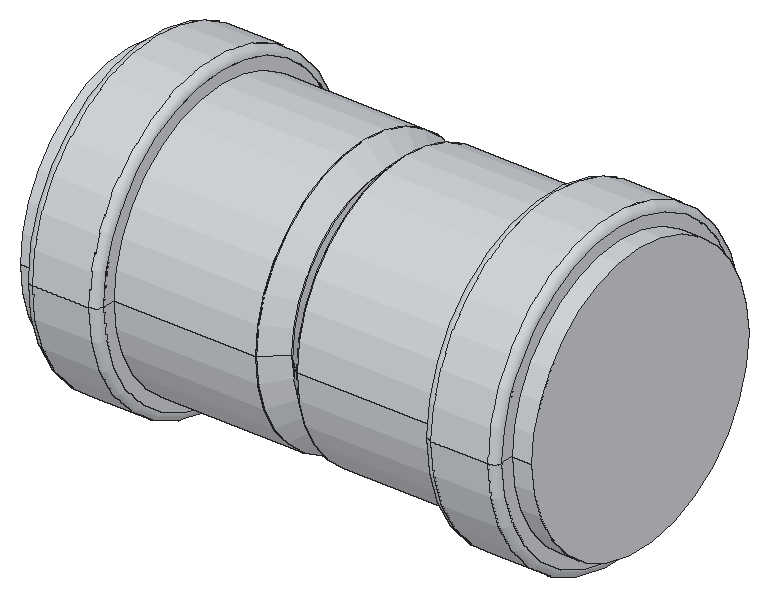
Revit family "RAUPIANO PLUS Double Socket", category Pipe Fittings, Revit 2012
Parameters (values of type "Standard")
  tmin [instance] = size_lookup("RAUPIANO Pipe.csv", "tmin", 0 mm, Nominal Diameter)  # 42.3 mm
  re [instance] = de / 2  # 20 mm
  de [instance] = size_lookup("RAUPIANO Pipe.csv", "de", 0 mm, Nominal Diameter)  # 40 mm
  Type Comments = "RAU-PP; Push-fit; White"  # constant formula
  Thermal expansion coefficient [instance] = "0,09 mm/m.K"  # constant formula
  Temperature resistance [instance] = "90°C (continuous), 95°C (short term)"  # constant formula
  T8 = "DN 200"
  T7 = "DN 160"
  T6 = "DN 125"
  T5 = "DN 110"
  T4 = "DN 90"
  T3 = "DN 75"
  T2 = "DN 50"
  T1 = "DN 40"
  Spec Text [instance] = if(D = 40 mm, T1, if(D = 50 mm, T2, if(D = 75 mm, T3, if(D = 90 mm, T4, if(D = 110 mm, T5, if(D = 125 mm, T6, if(D = 160 mm, T7, if(D = 200 mm, T8, Fail))))))))  # "DN 40"
  Pressure resistance [instance] = "1 bar (100 kPa, 10m)"  # constant formula
  Materialcode SAP [instance] = if(D = 40 mm, M1, if(D = 50 mm, M2, if(D = 75 mm, M3, if(D = 90 mm, M4, if(D = 110 mm, M5, if(D = 125 mm, M6, if(D = 160 mm, M7, if(D = 200 mm, M8, Fail))))))))  # "11231441001"
  Manufacturer = "REHAU"  # constant formula
  M8 = "11237841001"
  M7 = "11240471001"
  M6 = "11204741001"
  M5 = "11214941001"
  M4 = "11233441001"
  M3 = "11215841001"
  M2 = "11214841001"
  M1 = "11231441001"
  L [instance] = size_lookup("RAUPIANO Double Socket.csv", "Lgt", 0 mm, Nominal Diameter)  # 89 mm
  Health and environmental impact [instance] = "Halogen-free (no F, Cl, Br, J) and 100% recyclable"  # constant formula
  Fire load [instance] = "14.992 kJ/kg"  # constant formula
  Fire behaviour [instance] = "B2 (DIN 4102); D,S3-d0 (EN 13501-1)"  # constant formula
  Fail = "No article found"
  Description = "REHAU RAUPIANO PLUS double socket"  # constant formula
  D [instance] = Nominal Diameter  # 40 mm
  Class [instance] = "SN4"  # constant formula
  Chemical resistance [instance] = "pH 2 - 12"  # constant formula
  Belt thickness [instance] = ((Dmax / 2) - Sleeve Radius)  # 3.5 mm
  bmin [instance] = size_lookup("RAUPIANO Pipe.csv", "bmin", 0 mm, Nominal Diameter)  # 3.5 mm
  Sleeve Radius [instance] = (Dmax + de) / 4  # 23.5 mm
  Nominal Radius [instance] = 20 mm
  Nominal Diameter [instance] = Nominal Radius * 2  # 40 mm
  Loss Method = K Coefficient from Table
  built-in parameter 1114236 = (empty or 0)
  K Coefficient Table = "Reducer/Coupling/Union/Increaser"
  Dmax [instance] = size_lookup("RAUPIANO Pipe.csv", "Dmax", 0 mm, Nominal Diameter)  # 54 mm
  Belt Radius [instance] = ((Dmax / 2) - Sleeve Radius) / 2.5  # 1.4 mm
  Belt Length [instance] = 3 / 10 * tmin  # 12.69 mm
  Article No [instance] = if(D = 40 mm, A1, if(D = 50 mm, A2, if(D = 75 mm, A3, if(D = 90 mm, A4, if(D = 110 mm, A5, if(D = 125 mm, A6, if(D = 160 mm, A7, if(D = 200 mm, A8, Fail))))))))  # "123144-001"
  Application [instance] = "Not to be exposed to UV-radiation"  # constant formula
  Acoustic properties [instance] = "Rw + Ctr 42 (with industry standard suspended ceiling)"  # constant formula
  A8 = "123784-001"
  A7 = "124047-001"
  A6 = "120474-001"
  A5 = "121494-001"
  A4 = "123344-001"
  A3 = "121584-001"
  A2 = "121484-001"
  A1 = "123144-001"
Reference planes
  plane 1 "Center (Front/Back)": y = 0
  plane 2: z = 0
  plane 3 "Center (Left/Right)": x = 0
  plane 4: x = 3.5
  plane 5: x = -3.5
  plane 6: x = -44.5
  plane 7: x = 44.5
  plane 8: x = -41
  plane 9: x = 41
  plane 10: x = -28.31
  plane 11: x = 28.31
  plane 12: y = 23.5
  plane 13: y = -23.5
Forms (mm)
  Sweep 1, solid, detail levels fine
    path in 3D
      loop
        line (3.5, 0, 0) -> (44.5, 0, 0)
    profile origin (24, 0, 0) x (0, 1, 0) y (0, 0, 1)
      loop
        circle (0, 0) r 23.5
  SweptBlend 2, solid, detail levels fine
    path in 3D
      loop
        line (3.5, 0, 0) -> (0, 0, 0)
    profile origin (3.5, 0, 0) x (0, -1, 0) y (0, 0, 1)
      loop
        circle (0, 0) r 23.5
    end profile origin (0, 0, 0) x (0, -1, 0) y (0, 0, 1)
      loop
        circle (0, 0) r 20
  Revolve 3, solid, detail levels fine
    sketch origin (75.4, 0, 0) x (1, 0, 0) y (0, 1, 0)
      loop
        line (-47.09, -23.5) -> (-47.09, -25.6)
        arc (-47.09, -25.6) -> (-46.68, -26.59) -> (-45.69, -27) r 1.4
        line (-45.69, -27) -> (-35.8, -27)
        arc (-35.8, -27) -> (-34.81, -26.59) -> (-34.4, -25.6) r 1.4
        line (-34.4, -25.6) -> (-34.4, -23.5) -> (-47.09, -23.5)
      axis (-34.4, 0) -> (-47.09, 0)
    angle from 0 to 360
  Sweep 4, solid, detail levels fine
    path in 3D
      loop
        line (-3.5, 0, 0) -> (-44.5, 0, 0)
    profile origin (-24, 0, 0) x (0, -1, 0) y (0, 0, 1)
      loop
        circle (0, 0) r 23.5
  SweptBlend 5, solid, detail levels fine
    path in 3D
      loop
        line (-3.5, 0, 0) -> (0, 0, 0)
    profile origin (-3.5, 0, 0) x (0, 1, 0) y (0, 0, 1)
      loop
        circle (0, 0) r 23.5
    end profile origin (0, 0, 0) x (0, 1, 0) y (0, 0, 1)
      loop
        circle (0, 0) r 20
  Revolve 6, solid, detail levels fine
    sketch origin (-75.4, 0, 0) x (-1, 0, 0) y (0, 1, 0)
      loop
        line (-47.09, -23.5) -> (-47.09, -25.6)
        arc (-47.09, -25.6) -> (-46.68, -26.59) -> (-45.69, -27) r 1.4
        line (-45.69, -27) -> (-35.8, -27)
        arc (-35.8, -27) -> (-34.81, -26.59) -> (-34.4, -25.6) r 1.4
        line (-34.4, -25.6) -> (-34.4, -23.5) -> (-47.09, -23.5)
      axis (-34.4, 0) -> (-47.09, 0)
    angle from 0 to 360
Lines and regions (mm)
  reference lines
    curve 1: line (3.5, 0, 0) -> (44.5, 0, 0)
    curve 2: line (3.5, 0, 0) -> (0, 0, 0)
    curve 5: line (-3.5, 0, 0) -> (-44.5, 0, 0)
    curve 6: line (-3.5, 0, 0) -> (0, 0, 0)
  sketch lines
    curve 3: line (3.5, 0, 0) -> (0, 0, 0)
    curve 7: line (-3.5, 0, 0) -> (0, 0, 0)
    curve 9: line (-3.5, 0, 0) -> (-44.5, 0, 0)
    curve 10: line (3.5, 0, 0) -> (44.5, 0, 0)
  model lines, style "PipeFitting", detail levels coarse+medium
    curve 4: line (44.5, 0, 0) -> (0, 0, 0)
    curve 8: line (-44.5, 0, 0) -> (0, 0, 0)
  model lines, detail levels coarse+medium
    curve 11: line (-44.5, 20, 0) -> (-44.5, -20, 0)
    curve 12: line (44.5, 20, 0) -> (44.5, -20, 0)
  model lines, style "Symbol", detail levels coarse+medium
    curve 13: line (-44.5, 0, 20) -> (-44.5, 0, -20)
    curve 14: line (44.5, 0, 20) -> (44.5, 0, -20)
Dimensions and locks
  "bmin": plane 3 "Center (Left/Right)" to plane 4
  "Belt thickness": Revolve 3 sketch curve to Revolve 3 sketch curve
  "Belt thickness": Revolve 6 sketch curve to Revolve 6 sketch curve
  "bmin": plane 3 "Center (Left/Right)" to plane 5
  "Belt Length": plane 8 to plane 10
  "Belt Length": plane 11 to plane 9
  "Belt thickness": plane 6 to plane 8
  "Belt thickness": plane 9 to plane 7
  "L": plane 6 to plane 7
  equal spacing: plane 6, plane 3 "Center (Left/Right)", plane 7
  equal spacing: plane 13, plane 1 "Center (Front/Back)", plane 12
  "Sleeve Radius": plane 1 "Center (Front/Back)" to plane 12
  equal spacing: curve 11, plane 1 "Center (Front/Back)", curve 11
  equal spacing: curve 12, plane 1 "Center (Front/Back)", curve 12
  "Nominal Radius": plane 1 "Center (Front/Back)" to curve 12
  "Nominal Radius": plane 1 "Center (Front/Back)" to curve 11
  equal spacing: curve 13, level, curve 13
  equal spacing: curve 14, level, curve 14
  "Nominal Radius": curve 13 to level
  "Nominal Radius": curve 14 to level
  "Sleeve Radius": radius of Sweep 1 sketch curve
  "Sleeve Radius": radius of SweptBlend 2 sketch curve
  "re": radius of SweptBlend 2 sketch curve
  "Belt Radius": radius of Revolve 3 sketch curve  (x2)
  "Sleeve Radius": radius of Sweep 4 sketch curve
  "Sleeve Radius": radius of SweptBlend 5 sketch curve
  "re": radius of SweptBlend 5 sketch curve
  "Belt Radius": radius of Revolve 6 sketch curve  (x2)
  aligned and locked: plane 4 to curve 2
  aligned and locked: Revolve 3 sketch curve to Revolve 3 sketch curve
  aligned and locked: curve 6 to plane 5
  aligned and locked: Revolve 6 sketch curve to Revolve 6 sketch curve
  aligned and locked: plane 3 "Center (Left/Right)" to SweptBlend 5
  aligned and locked: SweptBlend 2 to plane 3 "Center (Left/Right)"
  aligned and locked: SweptBlend 5 to plane 3 "Center (Left/Right)"
  aligned and locked: plane 3 "Center (Left/Right)" to SweptBlend 2  (x3)
  aligned and locked: Revolve 6 to plane 10
  aligned and locked: plane 11 to Revolve 3
  aligned and locked: plane 7 to curve 1
  aligned and locked: plane 6 to curve 5
  aligned and locked: plane 6 to Sweep 4
  aligned and locked: plane 13 to Revolve 6 sketch curve  (x2)
  aligned and locked: Revolve 6 sketch curve to plane 8
  aligned and locked: plane 10 to Revolve 6 sketch curve  (x2)
  aligned and locked: plane 8 to Revolve 6 sketch curve
  aligned and locked: Revolve 3 sketch curve to plane 13
  aligned and locked: plane 11 to Revolve 3 sketch curve
  aligned and locked: plane 9 to Revolve 3 sketch curve
  aligned and locked: plane 13 to Revolve 3 sketch curve
  aligned and locked: plane 6 to curve 11
  aligned and locked: curve 12 to plane 7
  aligned and locked: curve 14 to plane 7
Automatic sketch dimensions
  plane 1 "Center (Front/Back)" to curve 5 = 0 mm
  curve 2 to plane 3 "Center (Left/Right)" = 0 mm
  Sweep 1 sketch curve to profile plane = 0 mm  (x2)
  SweptBlend 2 sketch curve to profile plane = 0 mm  (x4)
  plane 1 "Center (Front/Back)" to Revolve 3 sketch curve = 0 mm
  Revolve 3 sketch curve to Revolve 3 sketch curve = 1529.25 mm
  Sweep 4 sketch curve to profile plane = 0 mm  (x2)
  SweptBlend 5 sketch curve to profile plane = 0 mm  (x4)
  plane 1 "Center (Front/Back)" to Revolve 6 sketch curve = 0 mm
  Revolve 6 sketch curve to plane 4 = 1418.071 mm
  Revolve 6 sketch curve to Revolve 6 sketch curve = 1529.25 mm
  plane 5 to Revolve 3 sketch curve = 1418.071 mm
  plane 1 "Center (Front/Back)" to curve 8 = 0 mm
  curve 8 to plane 3 "Center (Left/Right)" = 0 mm
  plane 6 to curve 13 = 0 mm
Connectors
  piping at (-44.5, 0, 0), driven by "Nominal Radius"
    settings: on Sweep 4, index 1, connector radius 20 mm, flow factor 0, pipe flow 0.0 L/s, pressure drop 0.0 Pa, fitting loss kfactor 0, connector angle 0.00°, fixture units 0, engagement length 0 mm, flow configuration 0, flow direction 0, fitting loss method 0, system type 28, joint type 0, gender type 0, connector reference index 2, connector utility 0, adjustable connector no, is connector primary yes, fitting loss table "", connector description ""
  piping at (44.5, 0, 0), driven by "Nominal Radius"
    settings: on Sweep 1, index 2, connector radius 20 mm, flow factor 0, pipe flow 0.0 L/s, pressure drop 0.0 Pa, fitting loss kfactor 0, connector angle 0.00°, fixture units 0, engagement length 0 mm, flow configuration 0, flow direction 0, fitting loss method 0, system type 28, joint type 0, gender type 0, connector reference index 1, connector utility 0, adjustable connector no, is connector primary no, fitting loss table "", connector description ""
